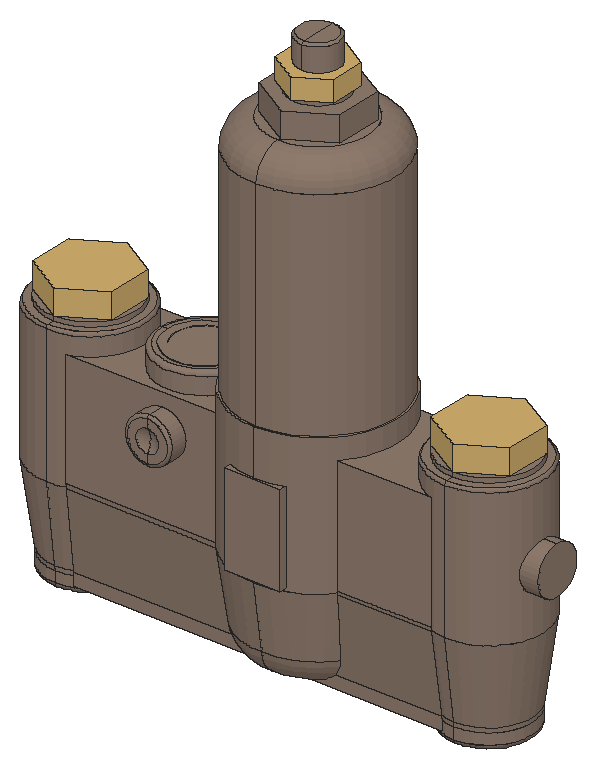
Revit family "Mixing_Valve-Emergency-Bradley_Corp-EFX50-S19-2250", category Pipe Accessories, Revit 2021 (continued)
Automatic sketch dimensions
  Revolve 10 sketch curve to plane 30 "Inlet base" = 0.16431"
  Revolve 10 sketch curve to plane 27 "Back G" = 0.0625"
  level to Revolve 10 sketch curve = 0.77565"
  Revolve 10 sketch curve to Revolve 10 sketch curve = 0.60115"
  Revolve 10 sketch curve to Revolve 10 sketch curve = 0.54802"
  Revolve 10 sketch curve to Revolve 10 sketch curve = 0.000"
  Revolve 10 sketch curve to plane 13 "Top valve" = 0.05039"
  Revolve 10 sketch curve to Revolve 10 sketch curve = 0.49961"
  Revolve 10 sketch curve to Revolve 10 sketch curve = 0.05039"
  plane 15 "Center G" to Revolve 10 sketch curve = 0.375"
  Masking region 1 sketch curve to Masking region 1 sketch curve = 0.000"  (x10)
  Masking region 1 sketch curve to plane 8 "Right A" = 0.000"
  Masking region 1 sketch curve to plane 14 "Front G" = 0.000"
  Masking region 1 sketch curve to plane 44 = 0.000"
  plane 43 to Masking region 1 sketch curve = 0.000"
  Masking region 1 sketch curve to plane 15 "Center G" = 0.000"
  Masking region 1 sketch curve to plane 11 "Right edge" = 0.04594"  (x2)
  plane 8 "Right A" to Masking region 1 sketch curve = 0.16805"
  Masking region 1 sketch curve to Masking region 1 sketch curve = 0.00014"
  plane 8 "Right A" to Masking region 1 sketch curve = 0.02157"
  Masking region 1 sketch curve to plane 8 "Right A" = 0.16805"
  Masking region 1 sketch curve to Masking region 1 sketch curve = 0.11778"  (x2)
  Masking region 1 sketch curve to plane 8 "Right A" = 0.38222"
  Masking region 1 sketch curve to plane 43 = 0.4175"  (x3)
  Masking region 1 sketch curve to Masking region 1 sketch curve = 0.72615"
  plane 16 "Center Piston" to Masking region 1 sketch curve = 0.60373"
  Masking region 1 sketch curve to plane 16 "Center Piston" = 0.01504"
  plane 3 "Center (Left/Right)" to Masking region 1 sketch curve = 0.02127"  (x2)
  Masking region 1 sketch curve to plane 3 "Center (Left/Right)" = 0.76931"
  plane 7 "Right B" to Masking region 1 sketch curve = 0.500"  (x2)
  Masking region 1 sketch curve to Masking region 1 sketch curve = 0.06011"
  Masking region 1 sketch curve to plane 43 = 0.06113"
  Masking region 1 sketch curve to Masking region 1 sketch curve = 0.06173"
  Masking region 1 sketch curve to plane 44 = 0.06323"
  Masking region 1 sketch curve to plane 7 "Right B" = 0.43642"
  Masking region 1 sketch curve to plane 7 "Right B" = 0.43953"
  Masking region 1 sketch curve to Masking region 1 sketch curve = 0.00665"
  Masking region 1 sketch curve to Masking region 1 sketch curve = 0.06048"
  Masking region 1 sketch curve to plane 43 = 0.22071"
  plane 6 "Left A-B" to Masking region 1 sketch curve = 0.500"
  plane 6 "Left A-B" to Masking region 1 sketch curve = 0.38222"
  plane 6 "Left A-B" to Masking region 1 sketch curve = 0.16805"
  Masking region 1 sketch curve to plane 6 "Left A-B" = 0.16805"
  Masking region 1 sketch curve to Masking region 1 sketch curve = 0.33195"
  plane 15 "Center G" to Masking region 1 sketch curve = 0.09117"
  Masking region 1 sketch curve to plane 15 "Center G" = 0.02768"
  Masking region 1 sketch curve to plane 15 "Center G" = 0.525"
  Masking region 1 sketch curve to plane 43 = 0.305"
  Masking region 1 sketch curve to Masking region 1 sketch curve = 0.08429"  (x3)
  Masking region 1 sketch curve to plane 43 = 0.06931"
  Masking region 1 sketch curve to plane 43 = 0.055"
  Masking region 1 sketch curve to Masking region 1 sketch curve = 0.06182"
  plane 44 to Masking region 1 sketch curve = 0.08756"
  Masking region 1 sketch curve to plane 44 = 0.4175"
  Masking region 2 sketch curve to plane 3 "Center (Left/Right)" = 0.375"
  plane 7 "Right B" to Masking region 2 sketch curve = 0.100"
  Masking region 2 sketch curve to Masking region 2 sketch curve = 0.49129"
  plane 36 "Dial front" to Masking region 2 sketch curve = 0.000"
  curve 21 to curve 22 = 0.000"  (x2)
  curve 21 to curve 23 = 0.000"  (x2)
  curve 21 to curve 24 = 0.000"  (x2)
  curve 21 to curve 31 = 0.000"  (x2)
  curve 21 to curve 32 = 0.000"  (x2)
  curve 22 to curve 23 = 0.000"  (x2)
  curve 22 to curve 24 = 0.000"  (x2)
  curve 22 to curve 31 = 0.000"  (x2)
  curve 22 to curve 32 = 0.000"  (x2)
  curve 23 to curve 24 = 0.000"  (x2)
  curve 23 to curve 31 = 0.000"  (x2)
  curve 23 to curve 32 = 0.000"  (x2)
  curve 24 to curve 31 = 0.000"  (x2)
  curve 24 to curve 32 = 0.000"  (x2)
  curve 31 to curve 32 = 0.000"  (x2)
  curve 33 to curve 34 = 0.000"  (x2)
  curve 33 to curve 35 = 0.000"  (x2)
  curve 33 to curve 36 = 0.000"  (x2)
  curve 33 to curve 50 = 0.000"  (x2)
  curve 33 to curve 51 = 0.000"  (x2)
  curve 33 to curve 52 = 0.000"  (x2)
  curve 33 to curve 53 = 0.000"  (x2)
  curve 33 to curve 54 = 0.000"  (x2)
  curve 34 to curve 35 = 0.000"  (x2)
  curve 34 to curve 36 = 0.000"  (x2)
  curve 34 to curve 50 = 0.000"  (x2)
  curve 34 to curve 51 = 0.000"  (x2)
  curve 34 to curve 52 = 0.000"  (x2)
  curve 34 to curve 53 = 0.000"  (x2)
  curve 34 to curve 54 = 0.000"  (x2)
  curve 35 to curve 36 = 0.000"  (x2)
  curve 35 to curve 50 = 0.000"  (x2)
  curve 35 to curve 51 = 0.000"  (x2)
  curve 35 to curve 52 = 0.000"  (x2)
  curve 35 to curve 53 = 0.000"  (x2)
  curve 35 to curve 54 = 0.000"  (x2)
  curve 36 to curve 50 = 0.000"  (x2)
  curve 36 to curve 51 = 0.000"  (x2)
  curve 36 to curve 52 = 0.000"  (x2)
  curve 36 to curve 53 = 0.000"  (x2)
  curve 36 to curve 54 = 0.000"  (x2)
  curve 50 to curve 51 = 0.000"  (x2)
  curve 50 to curve 52 = 0.000"  (x2)
  curve 50 to curve 53 = 0.000"  (x2)
  curve 50 to curve 54 = 0.000"  (x2)
  curve 51 to curve 52 = 0.000"  (x2)
  curve 51 to curve 53 = 0.000"  (x2)
  curve 51 to curve 54 = 0.000"  (x2)
  curve 52 to curve 53 = 0.000"  (x2)
  curve 52 to curve 54 = 0.000"  (x2)
  curve 53 to curve 54 = 0.000"  (x2)
  curve 69 to curve 77 = 0.000"  (x2)
  curve 84 to curve 85 = 0.000"  (x2)
  curve 84 to curve 86 = 0.000"  (x2)
  curve 84 to curve 87 = 0.000"  (x2)
  curve 84 to curve 88 = 0.000"  (x2)
  curve 85 to curve 86 = 0.000"  (x2)
  curve 85 to curve 87 = 0.000"  (x2)
  curve 85 to curve 88 = 0.000"  (x2)
  curve 86 to curve 87 = 0.000"  (x2)
  curve 86 to curve 88 = 0.000"  (x2)
  curve 87 to curve 88 = 0.000"  (x2)
  curve 23 to plane 8 "Right A" = 0.000"
  curve 38 to plane 16 "Center Piston" = 0.000"
  curve 54 to plane 16 "Center Piston" = 0.000"
  curve 40 to plane 16 "Center Piston" = 0.000"
  curve 43 to plane 16 "Center Piston" = 0.000"
  curve 46 to plane 16 "Center Piston" = 0.000"
  curve 63 to plane 15 "Center G" = 0.000"
  plane 36 "Dial front" to curve 93 = 0.000"
  curve 69 to plane 7 "Right B" = 0.000"
  curve 66 to plane 15 "Center G" = 0.000"
  curve 84 to plane 6 "Left A-B" = 0.000"
  curve 32 to plane 15 "Center G" = 0.000"
  curve 85 to plane 15 "Center G" = 0.000"
  curve 69 to plane 15 "Center G" = 0.000"
  curve 35 to plane 15 "Center G" = 0.000"
  plane 8 "Right A" to curve 91 = 0.16791"
  curve 92 to curve 91 = 0.00014"
  curve 27 to plane 11 "Right edge" = 0.25897"
  curve 32 to plane 11 "Right edge" = 0.06458"
  curve 32 to plane 11 "Right edge" = 0.04587"
  curve 92 to plane 8 "Right A" = 0.16805"
  curve 91 to curve 92 = 0.000"
  curve 31 to plane 8 "Right A" = 0.38222"
  curve 91 to curve 31 = 0.21418"
  curve 30 to plane 15 "Center G" = 0.500"
  curve 31 to curve 30 = 0.4838"
  curve 51 to plane 43 = 0.41958"
  plane 16 "Center Piston" to curve 51 = 1.33166"
  curve 51 to plane 44 = 0.41958"
  curve 51 to curve 46 = 0.43674"
  curve 44 to curve 38 = 0.2454"
  plane 44 to curve 50 = 0.08485"
  plane 16 "Center Piston" to curve 50 = 0.61107"
  plane 14 "Front G" to curve 49 = 0.12589"
  plane 16 "Center Piston" to curve 49 = 0.60305"
  curve 49 to plane 16 "Center Piston" = 0.01504"
  curve 37 to plane 3 "Center (Left/Right)" = 0.02452"
  curve 47 to plane 3 "Center (Left/Right)" = 0.26992"
  curve 43 to curve 63 = 0.60922"
  curve 56 to plane 15 "Center G" = 0.000"
  curve 63 to curve 56 = 0.13169"
  plane 15 "Center G" to curve 69 = 0.54644"
  curve 55 to curve 77 = 0.02872"
  curve 77 to curve 54 = 0.00972"
  curve 69 to curve 53 = 0.01177"
  curve 54 to curve 62 = 0.06933"
  curve 71 to plane 43 = 0.22071"
  plane 7 "Right B" to curve 71 = 0.500"
  curve 70 to curve 71 = 0.000"  (x2)
  curve 50 to curve 64 = 0.33957"
  curve 70 to curve 67 = 0.00207"
  curve 63 to curve 56 = 0.06299"
  curve 67 to curve 55 = 0.06673"
  curve 73 to plane 43 = 0.055"
  plane 7 "Right B" to curve 73 = 0.16805"
  curve 74 to curve 75 = 0.00019"
  plane 7 "Right B" to curve 93 = 0.100"
  plane 7 "Right B" to curve 61 = 0.0019"
  curve 61 to curve 62 = 0.00005"
  curve 72 to plane 7 "Right B" = 0.16805"
  curve 72 to curve 76 = 0.00011"
  curve 59 to curve 67 = 0.07044"
  curve 57 to curve 64 = 0.0668"
  curve 72 to curve 71 = 0.33195"
  curve 57 to curve 62 = 0.31376"
  plane 15 "Center G" to curve 59 = 0.000"
  curve 62 to curve 59 = 0.11552"
  curve 58 to curve 66 = 0.13545"
  curve 71 to curve 93 = 0.50871"
  curve 65 to curve 83 = 0.63812"
  plane 6 "Left A-B" to curve 88 = 0.38222"  (x2)
  plane 6 "Left A-B" to curve 89 = 0.16805"
  curve 90 to curve 89 = 0.000"  (x2)
  curve 89 to plane 6 "Left A-B" = 0.16805"
  plane 9 "Left H" to curve 80 = 0.25897"
  plane 1 "Center (Front/Back)" to curve 53 = 0.550"
  curve 22 to curve 23 = 0.160"
  curve 86 to plane 44 = 0.395"
  curve 21 to curve 31 = 0.0225"
  curve 87 to curve 88 = 0.0225"
  curve 47 to plane 44 = 0.52163"
  curve 86 to curve 79 = 0.160"
  curve 46 to curve 41 = 0.28337"
  curve 32 to curve 27 = 0.0617"
  plane 15 "Center G" to curve 47 = 0.51668"
  plane 15 "Center G" to curve 46 = 0.51668"
  curve 40 to curve 35 = 0.300"
  curve 35 to curve 34 = 0.05039"
  curve 47 to curve 42 = 0.14168"
  curve 45 to curve 39 = 0.14168"
  curve 37 to plane 15 "Center G" = 0.375"
  curve 38 to plane 15 "Center G" = 0.375"
  curve 37 to curve 48 = 0.14168"
  curve 38 to curve 44 = 0.14168"
  curve 61 to curve 77 = 0.13957"
  curve 35 to curve 37 = 0.300"
  curve 76 to curve 69 = 0.13987"
  curve 75 to curve 77 = 0.13987"
  curve 37 to curve 43 = 0.28337"
  curve 75 to curve 74 = 0.08429"
  curve 86 to curve 89 = 0.090"
  curve 21 to curve 91 = 0.090"
  curve 91 to curve 92 = 0.08429"
  curve 89 to curve 90 = 0.08429"
  Masking region 3 sketch curve to plane 10 "Right H" = 0.000"
  Masking region 3 sketch curve to plane 38 = 0.000"
  Masking region 3 sketch curve to plane 5 "Top D" = 0.000"  (x5)
  plane 5 "Top D" to Masking region 3 sketch curve = 0.01886"
  Masking region 3 sketch curve to plane 12 "Top Nuts" = 0.000"  (x2)
  Masking region 3 sketch curve to plane 8 "Right A" = 0.000"
  Masking region 3 sketch curve to plane 6 "Left A-B" = 0.000"
  plane 6 "Left A-B" to Masking region 3 sketch curve = 0.94966"
  plane 4 "Bottom C-D" to Masking region 3 sketch curve = 0.06966"
  plane 4 "Bottom C-D" to Masking region 3 sketch curve = 0.07034"
  plane 4 "Bottom C-D" to Masking region 3 sketch curve = 0.07101"
  plane 4 "Bottom C-D" to Masking region 3 sketch curve = 0.07571"
  plane 4 "Bottom C-D" to Masking region 3 sketch curve = 0.0785"
  plane 4 "Bottom C-D" to Masking region 3 sketch curve = 0.08776"
  Masking region 3 sketch curve to plane 11 "Right edge" = 0.17427"
  Masking region 3 sketch curve to Masking region 3 sketch curve = 0.28441"
  plane 9 "Left H" to Masking region 3 sketch curve = 0.17095"
  Masking region 3 sketch curve to Masking region 3 sketch curve = 0.30007"
  plane 11 "Right edge" to Masking region 3 sketch curve = 0.07485"
  level to Masking region 3 sketch curve = 0.76621"
  Masking region 3 sketch curve to plane 2 "Top C" = 0.525"
  plane 32 "Dial" to Masking region 3 sketch curve = 0.02518"
  Masking region 3 sketch curve to plane 38 = 0.03373"
  Masking region 3 sketch curve to plane 5 "Top D" = 0.08157"
  Masking region 3 sketch curve to plane 5 "Top D" = 0.07828"
  Masking region 3 sketch curve to plane 5 "Top D" = 0.07827"
  Masking region 3 sketch curve to plane 11 "Right edge" = 0.02065"
  Masking region 3 sketch curve to plane 5 "Top D" = 0.07752"
  plane 9 "Left H" to Masking region 3 sketch curve = 0.01607"
  Masking region 3 sketch curve to plane 5 "Top D" = 0.07514"
  plane 5 "Top D" to Masking region 3 sketch curve = 0.100"  (x3)
  Masking region 3 sketch curve to Masking region 3 sketch curve = 0.100"
  Masking region 3 sketch curve to Masking region 3 sketch curve = 1.12989"
  Masking region 3 sketch curve to plane 13 "Top valve" = 2.23028"
  Masking region 3 sketch curve to Masking region 3 sketch curve = 0.58187"
  Masking region 3 sketch curve to Masking region 3 sketch curve = 0.54802"  (x2)
  Masking region 3 sketch curve to plane 3 "Center (Left/Right)" = 0.02452"
  plane 3 "Center (Left/Right)" to Masking region 3 sketch curve = 0.175"
  Masking region 3 sketch curve to plane 13 "Top valve" = 0.55237"
  Masking region 3 sketch curve to plane 13 "Top valve" = 0.05039"  (x2)
  plane 11 "Right edge" to Masking region 3 sketch curve = 0.07463"
  Masking region 3 sketch curve to plane 11 "Right edge" = 0.125"
  Masking region 3 sketch curve to plane 11 "Right edge" = 0.25897"
  Masking region 3 sketch curve to plane 8 "Right A" = 0.850"
  Masking region 3 sketch curve to plane 8 "Right A" = 0.86603"
  Masking region 3 sketch curve to Masking region 3 sketch curve = 0.13397"  (x2)
  Masking region 3 sketch curve to Masking region 3 sketch curve = 0.09815"
  Masking region 3 sketch curve to Masking region 3 sketch curve = 0.06105"
  Masking region 3 sketch curve to Masking region 3 sketch curve = 0.79996"
  Masking region 3 sketch curve to Masking region 3 sketch curve = 0.050"
  Masking region 3 sketch curve to Masking region 3 sketch curve = 0.2454"
  Masking region 3 sketch curve to Masking region 3 sketch curve = 0.19952"
  Masking region 3 sketch curve to Masking region 3 sketch curve = 0.05039"  (x2)
  Masking region 3 sketch curve to Masking region 3 sketch curve = 0.03948"
  Masking region 3 sketch curve to Masking region 3 sketch curve = 0.1022"
  plane 9 "Left H" to Masking region 3 sketch curve = 0.275"
  plane 9 "Left H" to Masking region 3 sketch curve = 0.25897"
  plane 9 "Left H" to Masking region 3 sketch curve = 0.125"
  Masking region 3 sketch curve to plane 9 "Left H" = 0.03461"
  curve 109 to plane 4 "Bottom C-D" = 0.000"
  plane 16 "Center Piston" to curve 129 = 0.000"
  curve 107 to plane 30 "Inlet base" = 0.000"
  curve 117 to plane 7 "Right B" = 0.000"
  curve 117 to plane 32 "Dial" = 0.000"
  curve 121 to plane 31 "Outlet base" = 0.000"
  curve 134 to plane 38 = 0.000"
  curve 123 to plane 5 "Top D" = 0.000"
  curve 112 to plane 5 "Top D" = 0.000"
  curve 106 to plane 5 "Top D" = 0.000"
  curve 136 to plane 5 "Top D" = 0.000"
  curve 99 to plane 16 "Center Piston" = 0.000"
  curve 102 to plane 16 "Center Piston" = 0.000"
  plane 4 "Bottom C-D" to curve 116 = 0.06664"
  plane 4 "Bottom C-D" to curve 130 = 0.10175"
  curve 130 to curve 131 = 0.00217"
  curve 129 to curve 128 = 0.0024"
  plane 4 "Bottom C-D" to curve 132 = 0.37423"
  plane 4 "Bottom C-D" to curve 127 = 0.37447"
  curve 116 to curve 115 = 0.31893"
  curve 132 to plane 30 "Inlet base" = 0.26608"
  curve 126 to plane 30 "Inlet base" = 0.26574"
  curve 132 to curve 132 = 0.04075"
  curve 127 to plane 3 "Center (Left/Right)" = 0.00681"
  curve 127 to plane 30 "Inlet base" = 0.22499"
  plane 30 "Inlet base" to curve 131 = 0.18776"
  plane 30 "Inlet base" to curve 128 = 0.18789"
  level to curve 125 = 0.25139"
  curve 125 to curve 126 = 0.48303"
  level to curve 111 = 0.76587"
  curve 125 to curve 125 = 0.03315"
  curve 125 to curve 124 = 0.03435"
  level to curve 134 = 0.770"
  curve 124 to curve 118 = 0.00689"
  curve 134 to curve 122 = 0.07604"
  curve 124 to plane 2 "Top C" = 0.43853"
  curve 114 to plane 2 "Top C" = 0.24907"
  curve 117 to plane 38 = 0.03379"
  curve 112 to plane 5 "Top D" = 0.08088"
  curve 112 to plane 5 "Top D" = 0.07828"
  plane 5 "Top D" to curve 117 = 0.01886"
  plane 5 "Top D" to curve 135 = 0.100"
  plane 5 "Top D" to curve 105 = 0.100"
  curve 99 to plane 13 "Top valve" = 1.64841"
  curve 96 to plane 3 "Center (Left/Right)" = 0.02452"
  curve 97 to curve 96 = 0.54802"
  curve 100 to curve 101 = 0.100"
  curve 95 to curve 94 = 0.44802"
  curve 104 to plane 13 "Top valve" = 0.05039"
  curve 126 to plane 24 "Top Flange" = 0.35862"
  curve 133 to plane 24 "Top Flange" = 0.35909"
  plane 16 "Center Piston" to curve 131 = 0.3646"
  curve 130 to curve 129 = 0.36745"
  curve 131 to curve 130 = 0.00001"
  curve 100 to curve 99 = 0.37484"
  curve 101 to curve 102 = 0.44999"
  plane 16 "Center Piston" to curve 104 = 0.450"
  plane 16 "Center Piston" to curve 119 = 0.60373"
  curve 132 to curve 131 = 0.26719"
  curve 94 to curve 101 = 0.19953"
  curve 96 to curve 101 = 0.19953"
  curve 95 to curve 96 = 0.000"
  curve 97 to curve 100 = 0.52008"
  curve 133 to curve 132 = 0.15381"
  curve 134 to curve 119 = 0.72615"
  curve 118 to curve 134 = 0.00069"
  curve 123 to curve 134 = 0.42012"
  curve 136 to plane 8 "Right A" = 1.000"
  curve 135 to curve 136 = 0.13397"
  curve 135 to plane 11 "Right edge" = 0.25897"
  curve 136 to plane 11 "Right edge" = 0.125"
  curve 126 to plane 23 "Right Flange" = 283.1471"
  plane 3 "Center (Left/Right)" to curve 128 = 0.26041"
  plane 3 "Center (Left/Right)" to curve 128 = 0.25756"
  curve 128 to curve 129 = 0.00001"
  plane 3 "Center (Left/Right)" to curve 98 = 0.250"
  plane 3 "Center (Left/Right)" to curve 104 = 0.175"
  plane 3 "Center (Left/Right)" to curve 103 = 0.17497"
  plane 3 "Center (Left/Right)" to curve 121 = 0.02127"
  curve 94 to plane 3 "Center (Left/Right)" = 0.02452"
  curve 95 to plane 3 "Center (Left/Right)" = 0.02452"
  curve 97 to plane 3 "Center (Left/Right)" = 0.26992"
  curve 127 to curve 126 = 0.15388"
  curve 125 to plane 3 "Center (Left/Right)" = 0.70295"
  curve 124 to plane 3 "Center (Left/Right)" = 0.70488"
  curve 124 to curve 125 = 0.00178"
  curve 112 to curve 112 = 0.03945"
  curve 112 to curve 106 = 0.1022"
  plane 6 "Left A-B" to curve 115 = 0.94966"
  curve 106 to curve 105 = 0.13397"
  plane 6 "Left A-B" to curve 107 = 0.6575"
  plane 9 "Left H" to curve 108 = 0.4675"
  plane 9 "Left H" to curve 105 = 0.25897"
  plane 9 "Left H" to curve 106 = 0.125"
  curve 111 to plane 9 "Left H" = 0.07326"
  curve 133 to plane 21 "Left Flange" = 281.8971"
  Masking region 4 sketch curve to plane 27 "Back G" = 0.000"
  Masking region 4 sketch curve to plane 14 "Front G" = 0.000"
  Masking region 4 sketch curve to plane 31 "Outlet base" = 0.000"  (x2)
  Masking region 4 sketch curve to plane 36 "Dial front" = 0.000"
  Masking region 4 sketch curve to plane 5 "Top D" = 0.000"  (x2)
  Masking region 4 sketch curve to plane 32 "Dial" = 0.100"
  Masking region 4 sketch curve to plane 2 "Top C" = 1.000"
  Masking region 4 sketch curve to plane 27 "Back G" = 0.0625"  (x2)
  level to Masking region 4 sketch curve = 0.84604"
  plane 14 "Front G" to Masking region 4 sketch curve = 0.0625"
  Masking region 4 sketch curve to Masking region 4 sketch curve = 0.250"
  Masking region 4 sketch curve to Masking region 4 sketch curve = 0.07039"  (x2)
  Masking region 4 sketch curve to plane 30 "Inlet base" = 0.11521"
  Masking region 4 sketch curve to plane 30 "Inlet base" = 0.16458"
  plane 43 to Masking region 4 sketch curve = 0.00692"
  Masking region 4 sketch curve to plane 30 "Inlet base" = 0.1822"
  Masking region 4 sketch curve to Masking region 4 sketch curve = 0.08437"
  Masking region 4 sketch curve to plane 44 = 0.01747"
  Masking region 4 sketch curve to plane 30 "Inlet base" = 0.3322"
  Masking region 4 sketch curve to plane 43 = 0.1193"
  Masking region 4 sketch curve to Masking region 4 sketch curve = 0.38847"
  Masking region 4 sketch curve to Masking region 4 sketch curve = 0.000"
  plane 4 "Bottom C-D" to Masking region 4 sketch curve = 0.10175"  (x2)
  plane 4 "Bottom C-D" to Masking region 4 sketch curve = 0.0701"
  plane 4 "Bottom C-D" to Masking region 4 sketch curve = 0.06785"
  Masking region 4 sketch curve to Masking region 4 sketch curve = 0.03984"
  Masking region 4 sketch curve to plane 4 "Bottom C-D" = 0.02987"
  plane 38 to Masking region 4 sketch curve = 0.22746"
  plane 5 "Top D" to Masking region 4 sketch curve = 0.250"
  Masking region 4 sketch curve to plane 44 = 0.45689"
  Masking region 4 sketch curve to Masking region 4 sketch curve = 1.15116"
  Masking region 4 sketch curve to plane 43 = 0.44055"
  Masking region 4 sketch curve to Masking region 4 sketch curve = 1.22794"
  Masking region 4 sketch curve to plane 27 "Back G" = 0.11272"
  Masking region 4 sketch curve to Masking region 4 sketch curve = 0.04207"
  Masking region 4 sketch curve to Masking region 4 sketch curve = 0.100"  (x2)
  Masking region 4 sketch curve to Masking region 4 sketch curve = 0.44802"
  Masking region 4 sketch curve to plane 13 "Top valve" = 0.05039"  (x2)
  Masking region 4 sketch curve to Masking region 4 sketch curve = 0.28337"  (x2)
  Masking region 4 sketch curve to Masking region 4 sketch curve = 0.5876"
  Masking region 4 sketch curve to Masking region 4 sketch curve = 0.09796"
  Masking region 4 sketch curve to Masking region 4 sketch curve = 0.125"  (x2)
  plane 15 "Center G" to Masking region 4 sketch curve = 0.450"
  Masking region 4 sketch curve to Masking region 4 sketch curve = 0.05039"  (x2)
  Masking region 4 sketch curve to plane 15 "Center G" = 0.39961"
  Masking region 4 sketch curve to Masking region 4 sketch curve = 0.10036"
  plane 14 "Front G" to Masking region 4 sketch curve = 0.1125"
  Masking region 4 sketch curve to Masking region 4 sketch curve = 0.050"
  curve 154 to plane 14 "Front G" = 0.000"
  curve 152 to plane 15 "Center G" = 0.000"
  curve 151 to plane 2 "Top C" = 0.000"
  curve 166 to plane 36 "Dial front" = 0.000"
  curve 154 to plane 31 "Outlet base" = 0.000"
  curve 161 to plane 5 "Top D" = 0.000"
  curve 147 to plane 12 "Top Nuts" = 0.000"
  curve 151 to plane 2 "Top C" = 0.525"
  curve 154 to plane 2 "Top C" = 1.000"
  curve 155 to curve 154 = 0.32039"
  curve 156 to plane 44 = 0.355"
  level to curve 156 = 0.77565"
  curve 159 to plane 44 = 0.35516"
  curve 159 to curve 156 = 0.00961"
  plane 4 "Bottom C-D" to curve 159 = 0.37035"
  plane 4 "Bottom C-D" to curve 163 = 0.37012"
  curve 164 to curve 163 = 0.0497"
  plane 4 "Bottom C-D" to curve 165 = 0.10175"
  plane 4 "Bottom C-D" to curve 160 = 0.10175"
  curve 166 to plane 32 "Dial" = 0.100"
  plane 38 to curve 166 = 0.22746"
  curve 162 to plane 5 "Top D" = 0.08213"
  curve 157 to plane 5 "Top D" = 0.08167"
  curve 161 to plane 5 "Top D" = 0.07917"
  curve 157 to plane 5 "Top D" = 0.07745"
  plane 5 "Top D" to curve 146 = 0.100"
  curve 167 to plane 43 = 0.52163"
  curve 167 to plane 13 "Top valve" = 1.64841"
  curve 142 to curve 142 = 0.54802"
  curve 141 to curve 140 = 0.100"
  curve 138 to curve 138 = 0.44802"
  curve 156 to plane 27 "Back G" = 0.0625"
  curve 158 to curve 157 = 0.03983"
  curve 167 to plane 44 = 0.52163"
  curve 157 to curve 148 = 0.160"
  curve 160 to plane 44 = 0.60365"
  curve 167 to curve 140 = 0.28337"
  curve 140 to curve 141 = 0.125"
  curve 167 to curve 143 = 0.51668"
  plane 15 "Center G" to curve 147 = 0.500"
  plane 15 "Center G" to curve 137 = 0.44591"
  curve 137 to curve 139 = 0.07091"
  curve 138 to plane 15 "Center G" = 0.375"
  curve 138 to curve 137 = 0.0974"
  curve 146 to plane 15 "Center G" = 0.500"
  curve 142 to plane 15 "Center G" = 0.51668"
  curve 142 to curve 141 = 0.10832"
  curve 141 to curve 140 = 0.125"
  curve 165 to plane 43 = 0.60496"
  curve 164 to curve 164 = 0.00174"
  curve 146 to curve 145 = 0.500"
  curve 145 to curve 161 = 0.10189"
  curve 161 to curve 150 = 0.05811"
  curve 155 to curve 153 = 0.00006"
  plane 14 "Front G" to curve 155 = 0.0625"
  curve 18 to plane 10 "Right H" = 0.000"
  curve 16 to plane 4 "Bottom C-D" = 0.000"
  curve 12 to plane 8 "Right A" = 0.000"
  curve 11 to plane 2 "Top C" = 0.000"
  curve 14 to plane 5 "Top D" = 0.000"
  curve 19 to plane 7 "Right B" = 0.000"
  curve 7 to plane 7 "Right B" = 0.000"
  curve 1 to plane 7 "Right B" = 0.000"
  curve 9 to plane 2 "Top C" = 0.000"
  curve 15 to plane 4 "Bottom C-D" = 0.000"
  curve 10 to plane 6 "Left A-B" = 0.000"
  curve 6 to plane 32 "Dial" = 0.0716"
  plane 7 "Right B" to curve 6 = 0.9282"
  curve 8 to curve 4 = 0.000"
  curve 19 to curve 1 = 0.2142"
  curve 20 to plane 7 "Right B" = 0.2142"
  curve 2 to curve 3 = 0.714"
  curve 8 to curve 4 = 0.3213"
  curve 7 to plane 2 "Top C" = 0.1377"
  plane 31 "Outlet base" to curve 2 = 0.12849"
  curve 19 to plane 38 = 0.03176"
  plane 8 "Right A" to curve 16 = 0.375"
  curve 14 to curve 13 = 0.500"
  curve 15 to curve 10 = 0.375"
  curve 18 to curve 17 = 0.375"
  curve 18 to plane 32 "Dial" = 0.125"
  radius of Extrusion 5 sketch curve = 1.500"
  radius of Extrusion 6 sketch curve = 1.500"
  radius of Extrusion 15 sketch curve = 1.500"
  radius of Extrusion 18 sketch curve = 0.525"
  radius of Extrusion 19 sketch curve = 0.805"
  radius of Extrusion 20 sketch curve = 0.6575"  (x2)
Nested families (in)
  nested 1: "TMV Valve Symbol" at (0, -2.25, 0), type "TMV Valve Symbol", detail levels coarse+medium
  nested 2: "Ball_Valve" at (-1.875, -2.25, 15.03304) x (-1, 0, 0) z (0, 0, -1), visible <- "Visibility Outlet", type "Ball_Valve", detail levels fine
  nested 3: "Ball_Valve" at (4.375, -2.25, -7.96696), visible <- "Visibility Inlet", type "Ball_Valve", detail levels fine
  nested 4: "Ball_Valve" at (-4.375, -2.25, -7.96696), visible <- "Visibility Inlet", type "Ball_Valve", detail levels fine
Connectors (in)
  piping at (-4.375, -2.25, -1.40396), diameter 1, driven by "Domestic Hot In", driven by "Pressure Drop", driven by "Xnpt Radius"
    settings: on Extrusion 20, index 1, connector inside diameter 1", connector length 0.000", flow factor 0, pipe flow 0 GPM, pressure drop 45.00 psi, fitting loss kfactor 0, connector angle 0.00°, fixture units 0, engagement length 0.000", angle of deflection 0.00°, flow configuration 1, flow direction 1, fitting loss method 4, system type 29, joint type 0, gender type 0, connector reference index -1, connector utility 0, adjustable connector no, is connector primary yes, connector description "Hot Water In"
  piping at (4.375, -2.25, -1.40396), diameter 1, driven by "Domestic Cold In", driven by "Pressure Drop", driven by "Xnpt Radius"
    settings: on Extrusion 20, index 2, connector inside diameter 1", connector length 0.000", flow factor 0, pipe flow 0 GPM, pressure drop 45.00 psi, fitting loss kfactor 0, connector angle 0.00°, fixture units 0, engagement length 0.000", angle of deflection 0.00°, flow configuration 1, flow direction 1, fitting loss method 4, system type 29, joint type 0, gender type 0, connector reference index -1, connector utility 0, adjustable connector no, is connector primary no, connector description "Cold Water In"
  piping at (-1.875, -2.25, 3.84604), diameter 1.25, driven by "Ynpt Radius", driven by "Tempered Water Flow", driven by "Pressure Drop"
    settings: on Extrusion 19, index 3, connector inside diameter 1 1/4", connector length 0.000", flow factor 0, pipe flow 0 GPM, pressure drop 45.00 psi, fitting loss kfactor 0, connector angle 0.00°, fixture units 0, engagement length 0.000", angle of deflection 0.00°, flow configuration 0, flow direction 2, fitting loss method 4, system type 29, joint type 0, gender type 0, connector reference index -1, connector utility 0, adjustable connector no, is connector primary no, connector description "Tempered Water Out"
  piping at (5.875, -2.25, 2.09604), diameter 0.75, driven by "Znpt Radius", driven by "Return Flow", driven by "Pressure Drop"
    settings: on cut or joined group of Revolve 14, Extrusion 18, index 4, connector inside diameter 3/4", connector length 0.000", flow factor 0, pipe flow 0 GPM, pressure drop 45.00 psi, fitting loss kfactor 0, connector angle 0.00°, fixture units 0, engagement length 0.000", angle of deflection 0.00°, flow configuration 0, flow direction 1, fitting loss method 4, system type 29, joint type 0, gender type 0, connector reference index -1, connector utility 0, adjustable connector no, is connector primary no, connector description "Return Flow"
Definition of nested family "Ball_Valve"
  Parameters
    Valve Material = none
    Nut Material = none
    Default Elevation = 0.000"
  Reference planes (in)
    plane 1 "Center (Front/Back)": y = 0
    plane 2: z = 0
    plane 3 "Center (Left/Right)": x = 0
  Forms (in)
    Extrusion 1, solid, material <- "Nut Material"
      sketch origin (0, 0, 0) x (0.866025, 0.5, 0) y (-0.5, 0.866025, 0)
        loop
          line (0.74689, 0.43122) -> (0, 0.86244) -> (-0.74689, 0.43122) -> (-0.74689, -0.43122) -> (0, -0.86244) -> (0.74689, -0.43122) -> (0.74689, 0.43122)
      from 0 to 0.5
    Extrusion 2, solid, material <- "Valve Material"
      sketch origin (0, 0, 0.5) x (0.866025, 0.5, 0) y (-0.5, 0.866025, 0)
        loop
          circle (0, 0) r 0.86244
      from 0 to 1.5
    Extrusion 3, solid, material <- "Nut Material"
      sketch origin (0, 0, 2) x (0.866025, 0.5, 0) y (-0.5, 0.866025, 0)
        loop
          line (0.86244, 0.49793) -> (0, 0.99586) -> (-0.86244, 0.49793) -> (-0.86244, -0.49793) -> (0, -0.99586) -> (0.86244, -0.49793) -> (0.86244, 0.49793)
      from 0 to 0.75
    Extrusion 4, solid, material <- "Valve Material"
      sketch origin (0, 0, 0) x (1, 0, 0) y (0, 0, 1)
        loop
          circle (0, 0.89598) r 0.16805
      from 0 to 1.5
    Extrusion 5, solid, material <- "Nut Material"
      sketch origin (0, -1.5, 0) x (1, 0, 0) y (0, 0, 1)
        loop
          line (0.5, 0.60435) -> (0.5, 5.10435)
          arc (0.5, 5.10435) -> (0, 5.60435) -> (-0.5, 5.10435) r 0.5
          line (-0.5, 5.10435) -> (-0.5, 0.60435) -> (0.5, 0.60435)
      from -0.16571 to -0.25
Definition of nested family "TMV Valve Symbol"
  Reference planes (in)
    plane 1: y = 0
    plane 2: x = 0
  Lines and regions (in)
    Filled region 1, type "Filled region 1"
      outline origin (0, 0, 0) x (1, 0, 0) y (0, 1, 0)
        loop
          line (-0.01592, -0.06365) -> (0, -0.11085) -> (0.01718, -0.06365) -> (-0.01592, -0.06365)
    detail lines
      curve 1: line (-0.0703, 0.03897, 0) -> (-0.0703, -0.03897, 0)
      curve 2: line (-0.0703, -0.03897, 0) -> (0, 0, 0)
      curve 3: line (0, 0, 0) -> (-0.0703, 0.03897, 0)
      curve 4: line (0, 0.06583, 0) -> (0, -0.06365, 0)
      curve 5: line (0.0703, 0.03897, 0) -> (0.0703, -0.03897, 0)
      curve 6: line (0.0703, -0.03897, 0) -> (0, 0, 0)
      curve 7: line (0, 0, 0) -> (0.0703, 0.03897, 0)
      curve 8: line (-0.06551, 0.06583, 0) -> (0.06551, 0.06583, 0)
      curve 9: arc (-0.06551, 0.06583, 0) -> (0, 0.11224, 0) -> (0.06551, 0.06583, 0) r 0.06943
      curve 10: line (0.0703, 0, 0) -> (0.12054, 0, 0)
      curve 11: line (-0.0703, 0, 0) -> (-0.12054, 0, 0)
  Dimensions and locks (in)
    equal spacing: curve 8, plane 2, curve 8
    Filled region 1 sketch curve to plane 2 to Filled region 1 sketch curve = 0.01592", 0.01718"
    equal spacing: curve 1, plane 2, curve 5
    equal spacing: curve 3, plane 1, curve 2
    angle curve 6 to curve 7 = 58.00°
    aligned and locked: plane 1 to curve 10
